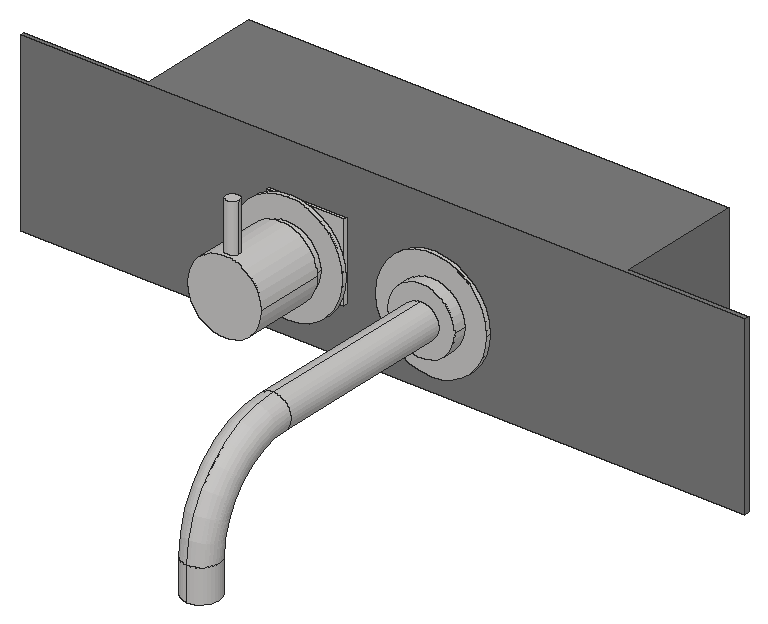
Revit family "111", category Plumbing Fixtures, Revit 2021
Family settings
  Round Connector Dimension = Use Diameter
  Part Type = Normal
  Work Plane-Based = No
  Always vertical = Yes
  Cut with Voids When Loaded = No
  Shared = No
  Room Calculation Point = No
Parameters
  e-mail = "info@vola.com"
  URL = "http://vola.com"
  Telephone = "+45 7023 5500"
  Quality management standard = "ISO 9001"
  Organisation no. / DUNS no. = "17531328"
  Occupational health and safety management standard = "ISO 18001"
  Mounting Instructions = "http://vola.com/service/producturl.ashx?name=111"
  Model = "111"
  Mixer Offset [instance] = 12.00 mm
  Mixer = yes
  Materials and components information = "http://vola.com/service/producturl.ashx?name=111"
  Manufacturer = "VOLA A/S"
  Maintenance Instructions = "http://vola.com/service/producturl.ashx?name=111"
  Guarantee = "2 years"
  Flow = "5,00 l/min"
  Environmental management standard = "ISO 14000"
  Default Elevation = 0.00 mm
  Connection - All relevant connections = "½\" for water connection"
  Approvals = "http://vola.com/service/producturl.ashx?name=111"
Reference planes
  plane 1 "Center (Front/Back)": y = 0
  plane 2: z = 0
  plane 3 "Center (Left/Right)": x = 0
  plane 4 "Mixer plane": y = 12
  plane 5 "Wall Surface": y = 0
Forms (mm)
  Extrusion 1, solid, material "Stainless Steel", visible <- "Mixer"
    sketch origin (16.5, 10, 0) x (0, 0, 1) y (-1, 0, 0)
      loop
        circle (0, 16.5) r 16.5
    from 0 to 10
  Extrusion 2, solid, material "Stainless Steel", visible <- "Mixer"
    sketch origin (-99, 10, 21) x (-1, 0, 0) y (0, 0, -1)
      loop
        circle (-21, 21) r 17.85
    from 0 to 10
Dimensions and locks
  "Mixer Offset": plane 4 "Mixer plane" to plane 1 "Center (Front/Back)"
  aligned and locked: plane 2 to level
  aligned and locked: nested 1 to plane 4 "Mixer plane"
  aligned and locked: nested 4 to plane 1 "Center (Front/Back)"
  aligned and locked: nested 2 to nested 2
  aligned and locked: nested 5 to plane 1 "Center (Front/Back)"
  aligned and locked: plane 1 "Center (Front/Back)" to Extrusion 2
  aligned and locked: plane 1 "Center (Front/Back)" to Extrusion 1
Automatic sketch dimensions
  Extrusion 2 sketch curve to Extrusion 2 sketch curve = 0.00 mm  (x2)
  Extrusion 2 sketch curve to nested 1 = 3.15 mm
  Extrusion 2 sketch curve to nested 1 = 21.00 mm
  Extrusion 2 sketch curve to Extrusion 2 sketch curve = 17.85 mm
  radius of Extrusion 1 sketch curve to nested 1 = 0.00 mm
Nested families
  nested 1: "100" at (-39, 82.5, -70), visible <- "Mixer", type "100"
  nested 2: "NR28" at (-78, -2, 0), type "NR28"
  nested 3: "010" at (0, -2, 0), type "010"
  nested 4: "001" at (0, 0, 0) x (-1, 0, 0) z (0, -1, 0), type "001"
  nested 5: "3001" at (-78, 0, 0) x (0, 0, 1) z (0, -1, 0), type "3001"
Connectors
  piping at (-105, 57.5, -70), diameter 28
    settings: on nested 1, index 1, connector inside diameter 1.10236", connector length 0.00 mm, flow factor 0, pipe flow 0 GPM, pressure drop 0.00 psi, fitting loss kfactor 0, connector angle 0.00°, fixture units 0, engagement length 0.00 mm, angle of deflection 0.00°, flow configuration 0, flow direction 1, fitting loss method 0, system type 19, joint type 0, gender type 0, connector reference index -1, connector utility 0, adjustable connector no, is connector primary yes, connector description ""
  piping at (-51, 57.5, -70), diameter 28
    settings: on nested 1, index 2, connector inside diameter 1.10236", connector length 0.00 mm, flow factor 0, pipe flow 0 GPM, pressure drop 0.00 psi, fitting loss kfactor 0, connector angle 0.00°, fixture units 0, engagement length 0.00 mm, angle of deflection 0.00°, flow configuration 0, flow direction 1, fitting loss method 0, system type 20, joint type 0, gender type 0, connector reference index -1, connector utility 0, adjustable connector no, is connector primary no, connector description ""
Definition of nested family "100"
  Parameters
    e-mail = "info@vola.com"
    URL = "http://vola.com"
    Telephone = "+45 7023 5500"
    Quality management standard = "ISO 9001"
    Organisation no. / DUNS no. = "17531328"
    Occupational health and safety management standard = "ISO 18001"
    Mounting Instructions = "http://vola.com/service/producturl.ashx?name=100"
    Model = "100"
    Materials and components information = "http://vola.com/service/producturl.ashx?name=100"
    Manufacturer = "VOLA A/S"
    Maintenance Instructions = "http://vola.com/service/producturl.ashx?name=100"
    Guarantee = "2 years"
    Flow = "18,00 l/min"
    Environmental management standard = "ISO 14000"
    Default Elevation = 0.00 mm
    Connection - All relevant connections = ""
    Approvals = "http://vola.com/service/producturl.ashx?name=100"
  Reference planes
    plane 1 "Center (Front/Back)": y = 0
    plane 2: z = 0
    plane 3 "Center (Left/Right)": x = 0
    plane 4 "Front Plane": y = -72.5
    plane 5 "Inlet Center Plane": y = -25
    plane 6: z = 70
  Forms (mm)
    Extrusion 1, solid
      sketch origin (0, 0, 1) x (1, 0, 0) y (0, 0, 1)
        loop
          circle (39, 69) r 16.5
      from 70.5 to 72.5
    Extrusion 2, solid
      sketch origin (1032.5, -2.5, 1) x (-1, 0, 0) y (0, 0, -1)
        loop
          line (1092.5, -90) -> (1092.5, -48) -> (1050.5, -48) -> (1050.5, -90) -> (1092.5, -90)
      from 68 to 70
    Extrusion 3, solid
      sketch origin (0, 0, 1) x (1, 0, 0) y (0, 1, 0)
        loop
          line (-127.5, 0) -> (-127.5, -68) -> (132.5, -68) -> (132.5, 0) -> (-127.5, 0)
      from 21.5 to 116.5
    Extrusion 4, solid
      sketch origin (0, 0, 22.5) x (0, 1, 0) y (1, 0, 0)
        loop
          circle (-25, -12) r 14
      from 0 to 22.5
    Extrusion 5, solid
      sketch origin (-54, 0, 22.5) x (0, 1, 0) y (1, 0, 0)
        loop
          circle (-25, -12) r 14
      from 0 to 22.5
    Extrusion 6, solid
      sketch origin (0, 0, 1) x (1, 0, 0) y (0, 1, 0)
        loop
          line (-195, -68) -> (-195, -70.5) -> (197.5, -70.5) -> (197.5, -68) -> (-195, -68)
      from 21.5 to 116.5
  Cuts and joins
    joined: Extrusion 3, Extrusion 6
  Lines and regions (mm)
    reference lines
      curve 1: line (-39, -25, 70) -> (-39, -122.5, 70)
      curve 2: line (39, -25, 70) -> (39, -122.5, 70)
      curve 3: line (-66, -25, 70) -> (-66, -25, -29)
      curve 4: line (-12, -25, 70) -> (-12, -25, -29)
  Dimensions and locks
    aligned and locked: plane 2 to level
    aligned and locked: plane 6 to curve 4
    aligned and locked: plane 6 to curve 3
    aligned and locked: Extrusion 3 to Extrusion 6
    aligned and locked: Extrusion 6 to Extrusion 3
Definition of nested family "NR28"
  Parameters
    e-mail = "info@vola.com"
    URL = "http://vola.com"
    Telephone = "+45 7023 5500"
    Quality management standard = "ISO 9001"
    Organisation no. / DUNS no. = "17531328"
    Occupational health and safety management standard = "ISO 18001"
    Mounting Instructions = "http://vola.com/service/producturl.ashx?name=NR28"
    Model = "NR28"
    Materials and components information = "http://vola.com/service/producturl.ashx?name=NR28"
    Manufacturer = "VOLA A/S"
    Maintenance Instructions = "http://vola.com/service/producturl.ashx?name=NR28"
    Guarantee = "2 years"
    Environmental management standard = "ISO 14000"
    Default Elevation = 0.00 mm
    Connection - All relevant connections = ""
    Approvals = "http://vola.com/service/producturl.ashx?name=NR28"
  Reference planes
    plane 1 "Center (Front/Back)": y = 0
    plane 2: z = 0
    plane 3 "Center (Left/Right)": x = 0
  Forms (mm)
    Extrusion 1, solid
      sketch origin (0, 0, 0) x (1, 0, 0) y (0, 0, 1)
        loop
          circle (0, 0) r 20
      from 5 to 42.5
    Extrusion 2, solid
      sketch origin (0, -2.75, 0) x (0, -1, 0) y (1, 0, 0)
        loop
          circle (34.5, 0) r 3.5
      from 19 to 45.5
    Extrusion 3, solid
      sketch origin (0, 0, 0) x (1, 0, 0) y (0, 0, 1)
        loop
          circle (0, 0) r 18
      from 0 to 5
  Cuts and joins
    joined: Extrusion 1, Extrusion 2
  Lines and regions (mm)
    model lines
      curve 1: line (6.05, -42.5, 19.141) -> (6.05, -42.5, -19.141)
      curve 2: line (-6.05, -42.5, 19.141) -> (-6.05, -42.5, -19.141)
  Dimensions and locks
    aligned and locked: plane 2 to level
Definition of nested family "010"
  Parameters
    e-mail = "info@vola.com"
    URL = "http://vola.com"
    Telephone = "+45 7023 5500"
    Quality management standard = "ISO 9001"
    Organisation no. / DUNS no. = "17531328"
    Occupational health and safety management standard = "ISO 18001"
    Mounting Instructions = "http://vola.com/service/producturl.ashx?name=010"
    Model = "010"
    Materials and components information = "http://vola.com/service/producturl.ashx?name=010"
    Manufacturer = "VOLA A/S"
    Maintenance Instructions = "http://vola.com/service/producturl.ashx?name=010"
    Guarantee = "2 years"
    Flow = "0 l/min"
    Environmental management standard = "ISO 14000"
    Default Elevation = 0.00 mm
    Connection - All relevant connections = ""
    Approvals = "http://vola.com/service/producturl.ashx?name=010"
  Reference planes
    plane 1 "Center (Front/Back)": y = 0
    plane 2: z = 0
    plane 3 "Center (Left/Right)": x = 0
  Forms (mm)
    Extrusion 1, solid
      sketch origin (0, 0, 0) x (1, 0, 0) y (0, 0, 1)
        loop
          circle (0, 0) r 18
      from 0 to 7
    Sweep 2, solid
      path origin (0, 0, 0) x (0, 1, 0) y (0, 0, 1)
        loop
          line (-7, 0) -> (-107, 0)
          arc (-107, 0) -> (-141.648, -14.352) -> (-156, -49) r 49
      profile origin (0, -141.648, -14.352) x (0, 0.707107, -0.707107) y (1, 0, 0)
        loop
          circle (0, 0) r 9.5
    Extrusion 3, solid
      sketch origin (0, -156, -49) x (0, -1, 0) y (-1, 0, 0)
        loop
          circle (0, 0) r 9.5
      from 0 to 18
  Dimensions and locks
    aligned and locked: plane 2 to level
Definition of nested family "001"
  Parameters
    e-mail = "info@vola.com"
    URL = "http://vola.com"
    Telephone = "+45 7023 5500"
    Quality management standard = "ISO 9001"
    Organisation no. / DUNS no. = "17531328"
    Occupational health and safety management standard = "ISO 18001"
    Mounting Instructions = "http://vola.com/service/producturl.ashx?name=001"
    Model = "001"
    Materials and components information = "http://vola.com/service/producturl.ashx?name=001"
    Manufacturer = "VOLA A/S"
    Maintenance Instructions = "http://vola.com/service/producturl.ashx?name=001"
    Guarantee = "2 years"
    Environmental management standard = "ISO 14000"
    Default Elevation = 1219.20 mm
    Connection - All relevant connections = ""
    Approvals = "http://vola.com/service/producturl.ashx?name=001"
  Reference planes
    plane 1 "Center (Front/Back)": y = 0
    plane 2: z = 0
    plane 3 "Center (Left/Right)": x = 0
  Forms (mm)
    Extrusion 1, solid
      sketch origin (0, 0, 0) x (1, 0, 0) y (0, 1, 0)
        loop
          circle (0, 0) r 16.5
        loop
          circle (0, 0) r 30
      from 0 to 2
  Dimensions and locks
    aligned and locked: plane 2 to level
Definition of nested family "3001"
  Parameters
    e-mail = "info@vola.com"
    URL = "http://vola.com"
    Telephone = "+45 7023 5500"
    Quality management standard = "ISO 9001"
    Organisation no. / DUNS no. = "17531328"
    Occupational health and safety management standard = "ISO 18001"
    Mounting Instructions = "http://vola.com/service/producturl.ashx?name=3001"
    Model = "3001"
    Materials and components information = "http://vola.com/service/producturl.ashx?name=3001"
    Manufacturer = "VOLA A/S"
    Maintenance Instructions = "http://vola.com/service/producturl.ashx?name=3001"
    Guarantee = "2 years"
    Environmental management standard = "ISO 14000"
    Default Elevation = 1219.20 mm
    Connection - All relevant connections = ""
    Approvals = "http://vola.com/service/producturl.ashx?name=3001"
  Reference planes
    plane 1 "Center (Front/Back)": y = 0
    plane 2: z = 0
    plane 3 "Center (Left/Right)": x = 0
  Forms (mm)
    Extrusion 1, solid
      sketch origin (0, 0, 0) x (1, 0, 0) y (0, 1, 0)
        loop
          circle (0, 0) r 18
        loop
          circle (0, 0) r 30
      from 0 to 2
  Dimensions and locks
    aligned and locked: plane 2 to level
